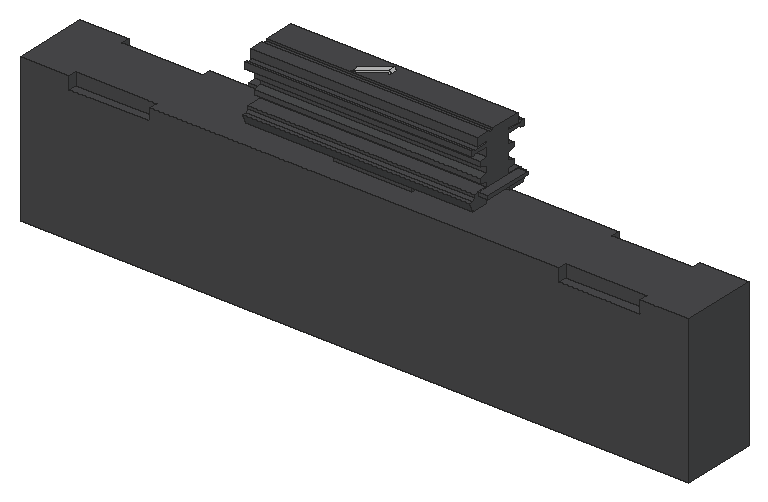
Revit family "DOT SINGLE HEAD RAIL 328_DTM15U3.5.36", category Luminarias, Revit 2019
Family settings
  Cota de conector redondo = Diámetro de uso
  Tipo de pieza = Normal
  Se basa en plano de trabajo = Sí
  Siempre vertical = Sí
  Corte con vacíos al cargar = No
  Origen de luz = Sí
  Compartido = No
  Punto de cálculo de habitación = No
Parameters (values of type "DOT SINGLE HEAD RAIL 328_DTM15U3.5.36")
  Ángulo de inclinación = 60.00°
  Zone [instance] = ""
  Watt per fixture = 15
  Wattage = 15 W
  built-in parameter 1150107 = 2700 (stored number, unit not read)
  built-in parameter 1150110 = 1 (stored number, unit not read)
  built-in parameter 1150109 = 1 (stored number, unit not read)
  built-in parameter 1150112 = 1 (stored number, unit not read)
  built-in parameter 1150113 = 1 (stored number, unit not read)
  built-in parameter 1114218 = 1 (stored number, unit not read)
  Keynote = ""
  built-in parameter 1150137 = (empty or 0)
  built-in parameter 1150132 = (empty or 0)
  Modelo = "DTM15U3.5.36"
  Lámpara = "3030SMD PHILIPS"
  built-in parameter 1150105 = 5215.7 (stored number, unit not read)
  built-in parameter 1150102 = (empty or 0)
  built-in parameter 1150106 = 52.157 (stored number, unit not read)
  Lumens = 1200 lm
  Color Filter = 16777215
  built-in parameter 1114217 = 1 (stored number, unit not read)
  built-in parameter 1150139 = (empty or 0)
  Fabricante = "BRILLANT"
  Default Elevation = 1219.2 mm
  built-in parameter 1150104 = 7.4322 (stored number, unit not read)
  Descripción = "LUMINARIA DOWNLIGHT EN FORMATO RECTANGULAR COMPATIBLE CON RIEL DE 6 ENTRADAS Y 3 CIRCUITOS CON CABEZAL PARA PODER DIRIGIR LA LUMINARIA HASTA 30 GRADOS, CUERPO DE ALUMINIO ACABADO EN COLOR NEGRO, IP 20, PESO 0.86Kg, TIPO DE LED 3030SMD PHILIPS CON 15W TOTAL, 1200 LUMENES, 80LM/W, IRC 90, TEMPERATURA EN BLANCO CALIDO 2700K, 50 MIL HORAS DE VIDA PROMEDIO, APERTURA DE 36 GRADOS POR PROYECTO, ALIMENTADO A 90-240V"
  built-in parameter 1150115 = 1 (stored number, unit not read)
  built-in parameter 1150114 = 1 (stored number, unit not read)
  Comentarios de vataje = "90-240V"
  built-in parameter 1150138 = (empty or 0)
  built-in parameter 1150134 = (empty or 0)
  Circuit [instance] = ""
  Dimming Lamp Color Temperature Shift = (empty or 0)
  Archivo de red fotométrica = "L328A-15W-827-B-36_IESNA95.IES"
  built-in parameter 1150133 = 10 (stored number, unit not read)
Reference planes
  plane 1 "Centro (Frontal/Posterior)": y = 0
  plane 2: z = 0
  plane 3 "Centro (Izquierda/Derecha)": x = 0
Forms (mm)
  Extrusion 1, solid, material "Default Form"
    sketch origin (0, 0, 0) x (1, 0, 0) y (0, 0, 1)
      loop
        line (-164, 0) -> (-164, -72) -> (164, -72) -> (164, 0) -> (-164, 0)
    from -18.326 to 18.326
  Blend 2, void
    base sketch origin (0, 0, 0) x (1, 0, 0) y (0, 1, 0)
      loop
        line (-162, 16.149) -> (-162, -16.149) -> (-144.14, -16.149) -> (-144.14, 16.149) -> (-162, 16.149)
    top sketch origin (0, 0, 0) x (1, 0, 0) y (0, 1, 0)
      loop
        line (-160, 12.149) -> (-160, -12.149) -> (-146.14, -12.149) -> (-146.14, 12.149) -> (-160, 12.149)
    from -72 to -61.591
  Blend 3, void
    base sketch origin (21.86, 0, 0) x (1, 0, 0) y (0, 1, 0)
      loop
        line (-162, 16.149) -> (-162, -16.149) -> (-144.14, -16.149) -> (-144.14, 16.149) -> (-162, 16.149)
    top sketch origin (21.86, 0, 0) x (1, 0, 0) y (0, 1, 0)
      loop
        line (-160, 12.149) -> (-160, -12.149) -> (-146.14, -12.149) -> (-146.14, 12.149) -> (-160, 12.149)
    from -72 to -61.591
  Blend 4, void
    base sketch origin (43.72, 0, 0) x (1, 0, 0) y (0, 1, 0)
      loop
        line (-162, 16.149) -> (-162, -16.149) -> (-144.14, -16.149) -> (-144.14, 16.149) -> (-162, 16.149)
    top sketch origin (43.72, 0, 0) x (1, 0, 0) y (0, 1, 0)
      loop
        line (-160, 12.149) -> (-160, -12.149) -> (-146.14, -12.149) -> (-146.14, 12.149) -> (-160, 12.149)
    from -72 to -61.591
  Blend 5, void
    base sketch origin (65.58, 0, 0) x (1, 0, 0) y (0, 1, 0)
      loop
        line (-162, 16.149) -> (-162, -16.149) -> (-144.14, -16.149) -> (-144.14, 16.149) -> (-162, 16.149)
    top sketch origin (65.58, 0, 0) x (1, 0, 0) y (0, 1, 0)
      loop
        line (-160, 12.149) -> (-160, -12.149) -> (-146.14, -12.149) -> (-146.14, 12.149) -> (-160, 12.149)
    from -72 to -61.591
  Blend 6, void
    base sketch origin (87.44, 0, 0) x (1, 0, 0) y (0, 1, 0)
      loop
        line (-162, 16.149) -> (-162, -16.149) -> (-144.14, -16.149) -> (-144.14, 16.149) -> (-162, 16.149)
    top sketch origin (87.44, 0, 0) x (1, 0, 0) y (0, 1, 0)
      loop
        line (-160, 12.149) -> (-160, -12.149) -> (-146.14, -12.149) -> (-146.14, 12.149) -> (-160, 12.149)
    from -72 to -61.591
  Blend 7, void
    base sketch origin (109.3, 0, 0) x (1, 0, 0) y (0, 1, 0)
      loop
        line (-162, 16.149) -> (-162, -16.149) -> (-144.14, -16.149) -> (-144.14, 16.149) -> (-162, 16.149)
    top sketch origin (109.3, 0, 0) x (1, 0, 0) y (0, 1, 0)
      loop
        line (-160, 12.149) -> (-160, -12.149) -> (-146.14, -12.149) -> (-146.14, 12.149) -> (-160, 12.149)
    from -72 to -61.591
  Blend 8, void
    base sketch origin (131.16, 0, 0) x (1, 0, 0) y (0, 1, 0)
      loop
        line (-162, 16.149) -> (-162, -16.149) -> (-144.14, -16.149) -> (-144.14, 16.149) -> (-162, 16.149)
    top sketch origin (131.16, 0, 0) x (1, 0, 0) y (0, 1, 0)
      loop
        line (-160, 12.149) -> (-160, -12.149) -> (-146.14, -12.149) -> (-146.14, 12.149) -> (-160, 12.149)
    from -72 to -61.591
  Blend 9, void
    base sketch origin (153.02, 0, 0) x (1, 0, 0) y (0, 1, 0)
      loop
        line (-162, 16.149) -> (-162, -16.149) -> (-144.14, -16.149) -> (-144.14, 16.149) -> (-162, 16.149)
    top sketch origin (153.02, 0, 0) x (1, 0, 0) y (0, 1, 0)
      loop
        line (-160, 12.149) -> (-160, -12.149) -> (-146.14, -12.149) -> (-146.14, 12.149) -> (-160, 12.149)
    from -72 to -61.591
  Blend 10, void
    base sketch origin (174.88, 0, 0) x (1, 0, 0) y (0, 1, 0)
      loop
        line (-162, 16.149) -> (-162, -16.149) -> (-144.14, -16.149) -> (-144.14, 16.149) -> (-162, 16.149)
    top sketch origin (174.88, 0, 0) x (1, 0, 0) y (0, 1, 0)
      loop
        line (-160, 12.149) -> (-160, -12.149) -> (-146.14, -12.149) -> (-146.14, 12.149) -> (-160, 12.149)
    from -72 to -61.591
  Blend 11, void
    base sketch origin (196.74, 0, 0) x (1, 0, 0) y (0, 1, 0)
      loop
        line (-162, 16.149) -> (-162, -16.149) -> (-144.14, -16.149) -> (-144.14, 16.149) -> (-162, 16.149)
    top sketch origin (196.74, 0, 0) x (1, 0, 0) y (0, 1, 0)
      loop
        line (-160, 12.149) -> (-160, -12.149) -> (-146.14, -12.149) -> (-146.14, 12.149) -> (-160, 12.149)
    from -72 to -61.591
  Blend 12, void
    base sketch origin (218.6, 0, 0) x (1, 0, 0) y (0, 1, 0)
      loop
        line (-162, 16.149) -> (-162, -16.149) -> (-144.14, -16.149) -> (-144.14, 16.149) -> (-162, 16.149)
    top sketch origin (218.6, 0, 0) x (1, 0, 0) y (0, 1, 0)
      loop
        line (-160, 12.149) -> (-160, -12.149) -> (-146.14, -12.149) -> (-146.14, 12.149) -> (-160, 12.149)
    from -72 to -61.591
  Blend 13, void
    base sketch origin (240.46, 0, 0) x (1, 0, 0) y (0, 1, 0)
      loop
        line (-162, 16.149) -> (-162, -16.149) -> (-144.14, -16.149) -> (-144.14, 16.149) -> (-162, 16.149)
    top sketch origin (240.46, 0, 0) x (1, 0, 0) y (0, 1, 0)
      loop
        line (-160, 12.149) -> (-160, -12.149) -> (-146.14, -12.149) -> (-146.14, 12.149) -> (-160, 12.149)
    from -72 to -61.591
  Blend 14, void
    base sketch origin (262.32, 0, 0) x (1, 0, 0) y (0, 1, 0)
      loop
        line (-162, 16.149) -> (-162, -16.149) -> (-144.14, -16.149) -> (-144.14, 16.149) -> (-162, 16.149)
    top sketch origin (262.32, 0, 0) x (1, 0, 0) y (0, 1, 0)
      loop
        line (-160, 12.149) -> (-160, -12.149) -> (-146.14, -12.149) -> (-146.14, 12.149) -> (-160, 12.149)
    from -72 to -61.591
  Blend 15, void
    base sketch origin (284.18, 0, 0) x (1, 0, 0) y (0, 1, 0)
      loop
        line (-162, 16.149) -> (-162, -16.149) -> (-144.14, -16.149) -> (-144.14, 16.149) -> (-162, 16.149)
    top sketch origin (284.18, 0, 0) x (1, 0, 0) y (0, 1, 0)
      loop
        line (-160, 12.149) -> (-160, -12.149) -> (-146.14, -12.149) -> (-146.14, 12.149) -> (-160, 12.149)
    from -72 to -61.591
  Blend 16, void
    base sketch origin (306.04, 0, 0) x (1, 0, 0) y (0, 1, 0)
      loop
        line (-162, 16.149) -> (-162, -16.149) -> (-144.14, -16.149) -> (-144.14, 16.149) -> (-162, 16.149)
    top sketch origin (306.04, 0, 0) x (1, 0, 0) y (0, 1, 0)
      loop
        line (-160, 12.149) -> (-160, -12.149) -> (-146.14, -12.149) -> (-146.14, 12.149) -> (-160, 12.149)
    from -72 to -61.591
  Extrusion 17, solid, material "Default Form"
    sketch origin (-55.628, 0, 7.5) x (0, 1, 0) y (0, 0, 1)
      loop
        line (-7.273, 1.74) -> (7.273, 1.74) -> (7.273, 0) -> (15.231, 0) -> (17.006, 4.494) -> (15.021, 4.494) -> (14.058, 5.868) -> (14.058, 7.166) -> (6.473, 7.166) -> (6.473, 9.324) -> (10.169, 10.163) -> (10.169, 12.464) -> (6.473, 13.302) -> (6.473, 16.66) -> (10.169, 17.499) -> (10.169, 19.8) -> (6.473, 20.638) -> (6.473, 25.016) -> (13.839, 25.016) -> (14.514, 24.341) -> (15.775, 24.341) -> (15.775, 27.171) -> (14.73, 27.171) -> (14.058, 26.499) -> (6.473, 26.499) -> (6.473, 27.299) -> (12.377, 27.299) -> (12.377, 31.471) -> (-2.744, 31.471) -> (-2.744, 30.671) -> (-5.514, 30.671) -> (-5.514, 31.471) -> (-12.377, 31.471) -> (-12.377, 27.299) -> (-6.473, 27.299) -> (-6.473, 26.499) -> (-14.058, 26.499) -> (-14.73, 27.171) -> (-15.775, 27.171) -> (-15.775, 24.341) -> (-14.514, 24.341) -> (-13.839, 25.016) -> (-6.473, 25.016) -> (-6.473, 20.638) -> (-10.169, 19.8) -> (-10.169, 17.499) -> (-6.473, 16.66) -> (-6.473, 13.302) -> (-10.169, 12.464) -> (-10.169, 10.163) -> (-6.473, 9.324) -> (-6.473, 7.166) -> (-14.058, 7.166) -> (-14.058, 5.868) -> (-15.021, 4.494) -> (-17.006, 4.494) -> (-15.231, 0) -> (-7.273, 0) -> (-7.273, 1.74)
    from 0 to 111.256
  Extrusion 18, solid, material "Default Form"
    sketch origin (0, 0, 0) x (1, 0, 0) y (0, 1, 0)
      loop
        line (-19.12, 6.873) -> (-19.12, -6.873) -> (19.12, -6.873) -> (19.12, 6.873) -> (-19.12, 6.873)
    from 0 to 2.67
  Extrusion 19, solid, material "Default Form"
    sketch origin (0, 0, 0) x (1, 0, 0) y (0, 1, 0)
      loop
        line (-10.93, 3.188) -> (-10.93, -3.188) -> (10.93, -3.188) -> (10.93, 3.188) -> (-10.93, 3.188)
    from 2.67 to 7.5
  Extrusion 20, void
    sketch origin (0, 0, 0) x (1, 0, 0) y (0, 1, 0)
      loop
        line (-140.14, 18.326) -> (-140.14, 14.276) -> (-100.42, 14.276) -> (-100.42, 18.326) -> (-140.14, 18.326)
      loop
        line (-140.14, -18.326) -> (-100.42, -18.326) -> (-100.42, -14.276) -> (-140.14, -14.276) -> (-140.14, -18.326)
      loop
        line (140.14, -18.326) -> (140.14, -14.276) -> (100.42, -14.276) -> (100.42, -18.326) -> (140.14, -18.326)
      loop
        line (140.14, 18.326) -> (100.42, 18.326) -> (100.42, 14.276) -> (140.14, 14.276) -> (140.14, 18.326)
    from -6.015 to 0
  Extrusion 21, solid, material "Acero Inoxidable"
    sketch origin (0, -1.594, 0) x (1, 0, 0) y (0, 0, -1)
      loop
        line (-15, -38.971) -> (3.794, -45.811) -> (4.341, -44.308) -> (3.589, -44.034) -> (3.316, -44.786) -> (-12.661, -38.971) -> (-15, -38.971)
    from 0 to 3.188
  Extrusion 22, solid, material "Default Form"
    sketch origin (0, 0, 0) x (1, 0, 0) y (0, 1, 0)
      loop
        line (-55.628, 6.473) -> (-66.331, 6.473) -> (-66.331, 0) -> (-55.628, 0) -> (-55.628, 6.473)
      loop
        line (55.628, 12.377) -> (55.628, -12.149) -> (60.628, -12.149) -> (60.628, 12.377) -> (55.628, 12.377)
    from 13.368 to 15
Cuts and joins
  Blend 2, Blend 3, Blend 4, Blend 5, Blend 6, Blend 7, Blend 8, Blend 9, Blend 10, Blend 11, Blend 12, Blend 13, Blend 14, Blend 15, Blend 16, Extrusion 20 cuts Extrusion 1
Dimensions and locks
  equal spacing: Extrusion 1, plane 1 "Centro (Frontal/Posterior)", Extrusion 1
  Extrusion 1 to plane 1 "Centro (Frontal/Posterior)" = 18.326 mm
  Extrusion 1 to Extrusion 1 = 36.651 mm
  Extrusion 1 to Extrusion 1 = 72 mm
  Extrusion 1 to Extrusion 1 = 328 mm
  equal spacing: group 1, group 2, group 3, group 4, group 5, group 6, group 7, group 8, group 9, group 10, group 11, group 12, group 13, group 14  (x3)
  cut or joined group 1 (Extrusion 1, Blend 2, Blend 3, Blend 4, Blend 5, Blend 6, Blend 7, Blend 8, Blend 9, Blend 10, Blend 11, Blend 12, Blend 13, Blend 14, Blend 15, Blend 16, Extrusion 20) to cut or joined group 1 = 72 mm
  cut or joined group 1 to cut or joined group 1 = 36.651 mm
  cut or joined group 1 to cut or joined group 1 = 328 mm
  equal spacing: cut or joined group 1, plane 1 "Centro (Frontal/Posterior)", cut or joined group 1
  locked: cut or joined group 1 to cut or joined group 1 at 23.86  (x2)
  aligned and locked: level to plane 2
  aligned and locked: Extrusion 19 to Extrusion 17
  aligned and locked: Extrusion 19 to Extrusion 18
Automatic sketch dimensions
  Blend 3 sketch curve to Blend 3 sketch curve = 17.86 mm
  Blend 3 sketch curve to Blend 3 sketch curve = 13.86 mm
  Blend 3 sketch curve to Blend 3 sketch curve = 32.298 mm
  Blend 3 sketch curve to Blend 3 sketch curve = 24.298 mm
  Blend 4 sketch curve to Blend 4 sketch curve = 17.86 mm
  Blend 4 sketch curve to Blend 4 sketch curve = 13.86 mm
  Blend 4 sketch curve to Blend 4 sketch curve = 32.298 mm
  Blend 4 sketch curve to Blend 4 sketch curve = 24.298 mm
  Blend 5 sketch curve to Blend 5 sketch curve = 17.86 mm
  Blend 5 sketch curve to Blend 5 sketch curve = 13.86 mm
  Blend 5 sketch curve to Blend 5 sketch curve = 32.298 mm
  Blend 5 sketch curve to Blend 5 sketch curve = 24.298 mm
  Blend 6 sketch curve to Blend 6 sketch curve = 17.86 mm
  Blend 6 sketch curve to Blend 6 sketch curve = 13.86 mm
  Blend 6 sketch curve to Blend 6 sketch curve = 32.298 mm
  Blend 6 sketch curve to Blend 6 sketch curve = 24.298 mm
  Blend 7 sketch curve to Blend 7 sketch curve = 17.86 mm
  Blend 7 sketch curve to Blend 7 sketch curve = 13.86 mm
  Blend 7 sketch curve to Blend 7 sketch curve = 32.298 mm
  Blend 7 sketch curve to Blend 7 sketch curve = 24.298 mm
  Blend 8 sketch curve to Blend 8 sketch curve = 17.86 mm
  Blend 8 sketch curve to Blend 8 sketch curve = 13.86 mm
  Blend 8 sketch curve to Blend 8 sketch curve = 32.298 mm
  Blend 8 sketch curve to Blend 8 sketch curve = 24.298 mm
  Blend 9 sketch curve to Blend 9 sketch curve = 17.86 mm
  Blend 9 sketch curve to Blend 9 sketch curve = 13.86 mm
  Blend 9 sketch curve to Blend 9 sketch curve = 32.298 mm
  Blend 9 sketch curve to Blend 9 sketch curve = 24.298 mm
  Blend 10 sketch curve to Blend 10 sketch curve = 17.86 mm
  Blend 10 sketch curve to Blend 10 sketch curve = 13.86 mm
  Blend 10 sketch curve to Blend 10 sketch curve = 32.298 mm
  Blend 10 sketch curve to Blend 10 sketch curve = 24.298 mm
  Blend 11 sketch curve to Blend 11 sketch curve = 17.86 mm
  Blend 11 sketch curve to Blend 11 sketch curve = 13.86 mm
  Blend 11 sketch curve to Blend 11 sketch curve = 32.298 mm
  Blend 11 sketch curve to Blend 11 sketch curve = 24.298 mm
  Blend 12 sketch curve to Blend 12 sketch curve = 17.86 mm
  Blend 12 sketch curve to Blend 12 sketch curve = 13.86 mm
  Blend 12 sketch curve to Blend 12 sketch curve = 32.298 mm
  Blend 12 sketch curve to Blend 12 sketch curve = 24.298 mm
  Blend 13 sketch curve to Blend 13 sketch curve = 17.86 mm
  Blend 13 sketch curve to Blend 13 sketch curve = 13.86 mm
  Blend 13 sketch curve to Blend 13 sketch curve = 32.298 mm
  Blend 13 sketch curve to Blend 13 sketch curve = 24.298 mm
  Blend 14 sketch curve to Blend 14 sketch curve = 17.86 mm
  Blend 14 sketch curve to Blend 14 sketch curve = 13.86 mm
  Blend 14 sketch curve to Blend 14 sketch curve = 32.298 mm
  Blend 14 sketch curve to Blend 14 sketch curve = 24.298 mm
  Blend 15 sketch curve to Blend 15 sketch curve = 17.86 mm
  Blend 15 sketch curve to Blend 15 sketch curve = 13.86 mm
  Blend 15 sketch curve to Blend 15 sketch curve = 32.298 mm
  Blend 15 sketch curve to Blend 15 sketch curve = 24.298 mm
  Blend 16 sketch curve to Blend 16 sketch curve = 17.86 mm
  Blend 16 sketch curve to Blend 16 sketch curve = 13.86 mm
  Blend 16 sketch curve to Blend 16 sketch curve = 32.298 mm
  Blend 16 sketch curve to Blend 16 sketch curve = 24.298 mm
  Extrusion 1 sketch curve to level = 0 mm
  Extrusion 1 sketch curve to level = 72 mm
  Extrusion 1 sketch curve to plane 3 "Centro (Izquierda/Derecha)" = 164 mm
  plane 3 "Centro (Izquierda/Derecha)" to Extrusion 1 sketch curve = 164 mm
  Blend 2 sketch curve to plane 1 "Centro (Frontal/Posterior)" = 16.149 mm
  Blend 2 sketch curve to plane 3 "Centro (Izquierda/Derecha)" = 162 mm
  Blend 2 sketch curve to Blend 2 sketch curve = 17.86 mm
  plane 1 "Centro (Frontal/Posterior)" to Blend 2 sketch curve = 16.149 mm
  Blend 2 sketch curve to plane 1 "Centro (Frontal/Posterior)" = 12.149 mm
  Blend 2 sketch curve to plane 3 "Centro (Izquierda/Derecha)" = 160 mm
  Blend 2 sketch curve to Blend 2 sketch curve = 13.86 mm
  plane 1 "Centro (Frontal/Posterior)" to Blend 2 sketch curve = 12.149 mm
  plane 1 "Centro (Frontal/Posterior)" to Extrusion 17 sketch curve = 17.006 mm
  plane 1 "Centro (Frontal/Posterior)" to Extrusion 17 sketch curve = 15.775 mm
  level to Extrusion 17 sketch curve = 7.5 mm  (x2)
  Extrusion 17 sketch curve to Extrusion 17 sketch curve = 1.775 mm
  Extrusion 17 sketch curve to Extrusion 17 sketch curve = 1.985 mm  (x2)
  Extrusion 17 sketch curve to Extrusion 17 sketch curve = 1.045 mm
  Extrusion 17 sketch curve to Extrusion 17 sketch curve = 1.261 mm  (x2)
  Extrusion 17 sketch curve to Extrusion 17 sketch curve = 0.963 mm  (x2)
  Extrusion 17 sketch curve to Extrusion 17 sketch curve = 0.672 mm  (x4)
  Extrusion 17 sketch curve to Extrusion 17 sketch curve = 0.675 mm  (x3)
  Extrusion 17 sketch curve to Extrusion 17 sketch curve = 2.354 mm
  Extrusion 17 sketch curve to Extrusion 17 sketch curve = 4.345 mm
  Extrusion 17 sketch curve to Extrusion 17 sketch curve = 3.89 mm  (x2)
  plane 1 "Centro (Frontal/Posterior)" to Extrusion 17 sketch curve = 7.273 mm
  Extrusion 17 sketch curve to Extrusion 17 sketch curve = 3.696 mm  (x4)
  Extrusion 17 sketch curve to Extrusion 17 sketch curve = 5.904 mm  (x2)
  Extrusion 17 sketch curve to Extrusion 17 sketch curve = 0 mm  (x3)
  Extrusion 17 sketch curve to Extrusion 17 sketch curve = 0.959 mm
  plane 1 "Centro (Frontal/Posterior)" to Extrusion 17 sketch curve = 2.744 mm
  Extrusion 17 sketch curve to plane 1 "Centro (Frontal/Posterior)" = 6.473 mm  (x2)
  Extrusion 17 sketch curve to Extrusion 17 sketch curve = 0.8 mm  (x3)
  Extrusion 17 sketch curve to Extrusion 17 sketch curve = 1.462 mm
  Extrusion 17 sketch curve to Extrusion 17 sketch curve = 0.22 mm
  Extrusion 17 sketch curve to Extrusion 17 sketch curve = 0.21 mm
  Extrusion 17 sketch curve to Extrusion 17 sketch curve = 1.74 mm
  Extrusion 17 sketch curve to Extrusion 17 sketch curve = 4.494 mm  (x2)
  Extrusion 17 sketch curve to Extrusion 17 sketch curve = 1.375 mm  (x2)
  Extrusion 17 sketch curve to Extrusion 17 sketch curve = 5.426 mm  (x2)
  Extrusion 17 sketch curve to Extrusion 17 sketch curve = 2.158 mm  (x2)
  Extrusion 17 sketch curve to Extrusion 17 sketch curve = 0.839 mm  (x8)
  Extrusion 17 sketch curve to Extrusion 17 sketch curve = 2.301 mm  (x4)
  Extrusion 17 sketch curve to Extrusion 17 sketch curve = 3.358 mm  (x2)
  Extrusion 17 sketch curve to Extrusion 17 sketch curve = 4.541 mm  (x2)
  Extrusion 17 sketch curve to Extrusion 17 sketch curve = 4.378 mm
  Extrusion 17 sketch curve to Extrusion 17 sketch curve = 1.483 mm  (x2)
  Extrusion 17 sketch curve to Extrusion 17 sketch curve = 3.372 mm
  Extrusion 17 sketch curve to Extrusion 17 sketch curve = 4.172 mm  (x2)
  plane 1 "Centro (Frontal/Posterior)" to Extrusion 18 sketch curve = 6.873 mm
  Extrusion 18 sketch curve to plane 3 "Centro (Izquierda/Derecha)" = 19.12 mm
  plane 3 "Centro (Izquierda/Derecha)" to Extrusion 18 sketch curve = 19.12 mm
  Extrusion 18 sketch curve to plane 1 "Centro (Frontal/Posterior)" = 6.873 mm
  plane 1 "Centro (Frontal/Posterior)" to Extrusion 19 sketch curve = 3.188 mm
  Extrusion 19 sketch curve to plane 3 "Centro (Izquierda/Derecha)" = 10.93 mm
  plane 3 "Centro (Izquierda/Derecha)" to Extrusion 19 sketch curve = 10.93 mm
  Extrusion 19 sketch curve to plane 1 "Centro (Frontal/Posterior)" = 3.188 mm
  Extrusion 20 sketch curve to plane 1 "Centro (Frontal/Posterior)" = 18.326 mm
  Extrusion 20 sketch curve to plane 3 "Centro (Izquierda/Derecha)" = 140.14 mm
  Extrusion 20 sketch curve to Extrusion 20 sketch curve = 0 mm  (x4)
  plane 1 "Centro (Frontal/Posterior)" to Extrusion 20 sketch curve = 18.326 mm
  Extrusion 20 sketch curve to Extrusion 20 sketch curve = 39.72 mm  (x2)
  Extrusion 20 sketch curve to plane 1 "Centro (Frontal/Posterior)" = 14.276 mm
  plane 3 "Centro (Izquierda/Derecha)" to Extrusion 20 sketch curve = 100.42 mm
  plane 1 "Centro (Frontal/Posterior)" to Extrusion 20 sketch curve = 14.276 mm
  Extrusion 20 sketch curve to Extrusion 20 sketch curve = 4.049 mm  (x4)
  Extrusion 21 sketch curve to plane 3 "Centro (Izquierda/Derecha)" = 15 mm
  Extrusion 21 sketch curve to Extrusion 21 sketch curve = 2.339 mm
  plane 3 "Centro (Izquierda/Derecha)" to Extrusion 21 sketch curve = 3.316 mm
  Extrusion 21 sketch curve to Extrusion 21 sketch curve = 0.274 mm
  Extrusion 21 sketch curve to Extrusion 21 sketch curve = 0.478 mm
  Extrusion 21 sketch curve to Extrusion 21 sketch curve = 0.752 mm
  level to Extrusion 21 sketch curve = 45.811 mm
  plane 1 "Centro (Frontal/Posterior)" to Extrusion 22 sketch curve = 0 mm
  Extrusion 22 sketch curve to plane 1 "Centro (Frontal/Posterior)" = 6.473 mm
  Extrusion 22 sketch curve to plane 3 "Centro (Izquierda/Derecha)" = 66.331 mm
  Extrusion 22 sketch curve to Extrusion 22 sketch curve = 10.703 mm
  Extrusion 22 sketch curve to plane 1 "Centro (Frontal/Posterior)" = 12.377 mm
  plane 3 "Centro (Izquierda/Derecha)" to Extrusion 22 sketch curve = 55.628 mm
  Extrusion 22 sketch curve to Extrusion 22 sketch curve = 5 mm
  plane 1 "Centro (Frontal/Posterior)" to Extrusion 22 sketch curve = 12.149 mm
Connectors
  electrical at (0, 0, 0)
    settings: on cut or joined group 1, index 1, voltage 240 V, apparent load 0 VA, apparent load phase1 0 VA, apparent load phase2 0 VA, apparent load phase3 0 VA, power factor 1, load classification "Otro", number of poles 1, system type 31, power factor state 1, is connector primary yes, connector utility no, sub classification motor no, connector description ""
